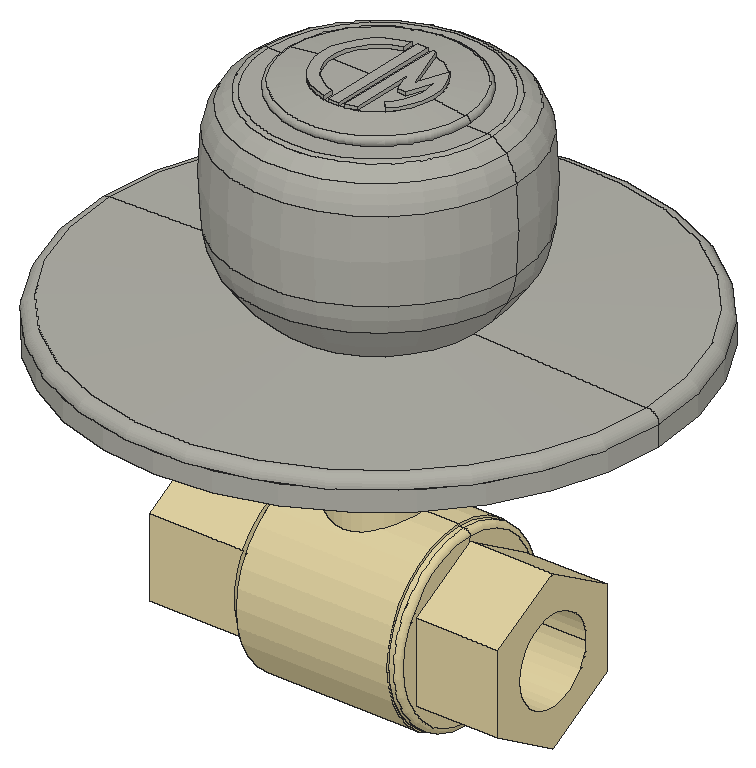
Revit family "QD20300000", category Apparecchi idraulici, Revit 2020
Family settings
  Quota connettore circolare = Usa diametro
  Tipo di parte = Normale
  Numero OmniClass = 23.45.00.00
  Titolo OmniClass = Sanitary, Laundry, and Cleaning Equipment
  Basato su piano di lavoro = No
  Sempre verticale = Sì
  Taglio con vuoti quando caricato = No
  Condiviso = No
  Punto di calcolo locali = No
Parameters
  URL = "https://web.cimberio.it/index.php/figura/262?subcategoria_id=43151"
  Temperatura di esercizio = "-20 ÷ 90°C"
  Prospetto di default = 0 mm
  Produttore = "CIMBERIO SPA"
  Pressione nominale = "PN 25"
  Modello = "Cim 26"
  Materiale = "Prodotto in lega di ottone conforme alla norma EN 12165-CW617N-DW"
  Descrizione = "Utilizzato nei più svariati settori dell'impiantistica: impianti di riscaldamento, condizionamento, idrici, igienico-sanitari, aria compressa e in generale con ogni fluido non corrosivo"
  DN Model [instance] = QD20301015 : QD20301015
  DN [instance] = 15 mm
  Commenti sul tipo = "Realizzato in ottemperanza ai requisiti gestionali della norma EN ISO 9001.\r\nCollaudato al 100% secondo la normativa EN 12266-1"
Reference planes
  plane 1 "Centro (Fronte/Retro)": y = 0
  plane 2: z = 0
  plane 3 "Centro (Sinistra/Destra)": x = 0
Dimensions and locks
  aligned and locked: level to plane 2
Nested families
  nested 1: "QD20301015" at (0, 0, 0), type <- "DN Model", type "QD20301015"
  nested 2: "QD20301015" at (0, 0, 0), type <- "DN Model", type "QD20301015"
  nested 3: "QD20301015" at (0, 0, 0), type <- "DN Model", type "QD20301015"
  nested 4: "QD20301015" at (0, 0, 0), type <- "DN Model", type "QD20301015"
  nested 5: "QD20301015" at (0, 0, 0), type <- "DN Model", type "QD20301015"
  nested 6: "QD20301015" at (0, 0, 0), type <- "DN Model", type "QD20301015"
  nested 7: "QD20301015" at (0, 0, 0), type <- "DN Model", type "QD20301015"
  nested 8: "QD20301015" at (0, 0, 0), type <- "DN Model", type "QD20301015"
Connectors
  piping at (37.2, 0, 0), diameter 15, driven by "DN"
    settings: on nested 1, index 1, connector inside diameter 609.6 mm, connector length 0 mm, flow factor 0, pipe flow 0.0 L/s, pressure drop 0.0 Pa, fitting loss kfactor 0, connector angle 0.00°, fixture units 0, engagement length 0 mm, angle of deflection 0.00°, flow configuration 0, flow direction 0, fitting loss method 0, system type 7, joint type 0, gender type 0, connector reference index -1, connector utility 0, adjustable connector no, is connector primary yes, connector description ""
  piping at (-31.15, 0, 0), diameter 15, driven by "DN"
    settings: on nested 1, index 2, connector inside diameter 609.6 mm, connector length 0 mm, flow factor 0, pipe flow 0.0 L/s, pressure drop 0.0 Pa, fitting loss kfactor 0, connector angle 0.00°, fixture units 0, engagement length 0 mm, angle of deflection 0.00°, flow configuration 0, flow direction 0, fitting loss method 0, system type 7, joint type 0, gender type 0, connector reference index -1, connector utility 0, adjustable connector no, is connector primary no, connector description ""
Definition of nested family "QD20301015"
  Parameters (values of type "QD20301015")
    Default Elevation = 0 mm
  Reference planes
    plane 1 "Centro (Fronte/Retro)": y = 0
    plane 2: z = 0
    plane 3 "Centro (Sinistra/Destra)": x = 0
  Forms (mm)
    Extrusion 1, solid
      sketch origin (0, 0, 0) x (0, 1, 0) y (0, 0, 1)
        loop
          circle (0, 0) r 7.5
        loop
          line (0, 14) -> (-12.124, 7) -> (-12.124, -7) -> (0, -14) -> (12.124, -7) -> (12.124, 7) -> (0, 14)
      from -31.15 to -12.5
    Revolve 2, solid
      sketch origin (0, 0, 0) x (1, 0, 0) y (0, 0, 1)
        loop
          arc (16.35, 14.75) -> (16.057, 15.457) -> (15.35, 15.75) r 1
          line (15.35, 15.75) -> (14.35, 15.75) -> (14.35, 7.5) -> (16.35, 7.5) -> (16.35, 14.75)
        axis (14.35, 0) -> (16.35, 0)
      angle from 0 to 360
    Revolve 3, solid
      sketch origin (0, 0, 3) x (1, 0, 0) y (0, 0, 1)
        loop
          line (-5, 38.413) -> (-16.156, 38.413) -> (-14.45, 35) -> (-10, 35)
          arc (-10, 35) -> (-8.586, 34.414) -> (-8, 33) r 2
          line (-8, 33) -> (-8, 8) -> (-5, 8) -> (-5, 38.413)
        axis (0, 38.413) -> (0, 8)
      angle from 0 to 360
    Extrusion 4, solid
      sketch origin (0, 0, 0) x (0, 1, 0) y (0, 0, -1)
        loop
          circle (0, 0) r 7.5
        loop
          line (0, -14) -> (12.124, -7) -> (12.124, 7) -> (0, 14) -> (-12.124, 7) -> (-12.124, -7) -> (0, -14)
      from -31.15 to -16.35
    Revolve 5, solid
      sketch origin (0, 0, 0) x (1, 0, 0) y (0, 0, 1)
        loop
          line (14.35, 16) -> (-12.5, 16) -> (-14.5, 14) -> (-14.5, 7.5) -> (14.35, 7.5) -> (14.35, 16)
        axis (-14.5, 0) -> (14.35, 0)
      angle from 0 to 360
    Revolve 6, solid
      sketch origin (0, 0, -0.625) x (1, 0, 0) y (0, 0, 1)
        loop
          line (0, 83.233) -> (-10, 83.233)
          arc (-10, 83.233) -> (-12.835, 82.908) -> (-15.659, 82.501) r 100
          arc (-15.659, 82.501) -> (-16.3, 81.754) -> (-15.667, 81.001) r 0.76
          line (-15.667, 81.001) -> (-19.551, 81)
          arc (-19.551, 81) -> (-20.015, 80.945) -> (-20.454, 80.784) r 2.003
          arc (-20.454, 80.784) -> (-21.76, 79.993) -> (-22.931, 79.011) r 9.979
          arc (-22.931, 79.011) -> (-24.103, 76.975) -> (-24.779, 74.726) r 10.233
          arc (-24.779, 74.726) -> (-25.179, 67.501) -> (-24.783, 60.276) r 65.797
          arc (-24.783, 60.276) -> (-24.246, 57.659) -> (-23.235, 55.187) r 14.417
          arc (-23.235, 55.187) -> (-20.449, 51.306) -> (-17, 48) r 26
          line (-17, 48) -> (-48.058, 47.099)
          arc (-48.058, 47.099) -> (-49.472, 46.513) -> (-50.057, 45.1) r 1.999
          line (-50.057, 45.1) -> (-50.057, 41.542) -> (0, 41.542) -> (0, 83.233)
        axis (0, 83.233) -> (0, 41.542)
      angle from 0 to 360
    Extrusion 7, solid
      sketch origin (0, 0, -0.625) x (1, 0, 0) y (0, 1, 0)
        loop
          line (-1.9, 7.977) -> (-1.9, 9.818)
          arc (-1.9, 9.818) -> (-10, 0) -> (-1.9, -9.818) r 10
          line (-1.9, -9.818) -> (-1.9, -7.977)
          arc (-1.9, -7.977) -> (-8.2, 0) -> (-1.9, 7.977) r 8.2
        loop
          arc (-0.9, -9.959) -> (0, -10) -> (0.9, -9.959) r 10
          line (0.9, -9.959) -> (0.9, 9.959)
          arc (0.9, 9.959) -> (0, 10) -> (-0.9, 9.959) r 10
          line (-0.9, 9.959) -> (-0.9, -9.959)
        loop
          arc (7.071, -7.071) -> (9.995, -0.325) -> (7.516, 6.597) r 10
          line (7.516, 6.597) -> (5.631, 1.42) -> (2.678, 9.535)
          arc (2.678, 9.535) -> (2.307, 9.726) -> (1.9, 9.818) r 1.635
          line (1.9, 9.818) -> (1.9, -9.818)
          arc (1.9, -9.818) -> (2.812, -9.596) -> (3.7, -9.29) r 10
          line (3.7, -9.29) -> (3.7, 1.464) -> (4.881, -1.782) -> (6.381, -1.782) -> (7.869, 2.305)
          arc (7.869, 2.305) -> (7.945, -2.03) -> (5.798, -5.798) r 8.2
          line (5.798, -5.798) -> (7.071, -7.071)
      from 83.233 to 83.81
  Dimensions and locks
    aligned and locked: level to plane 2
